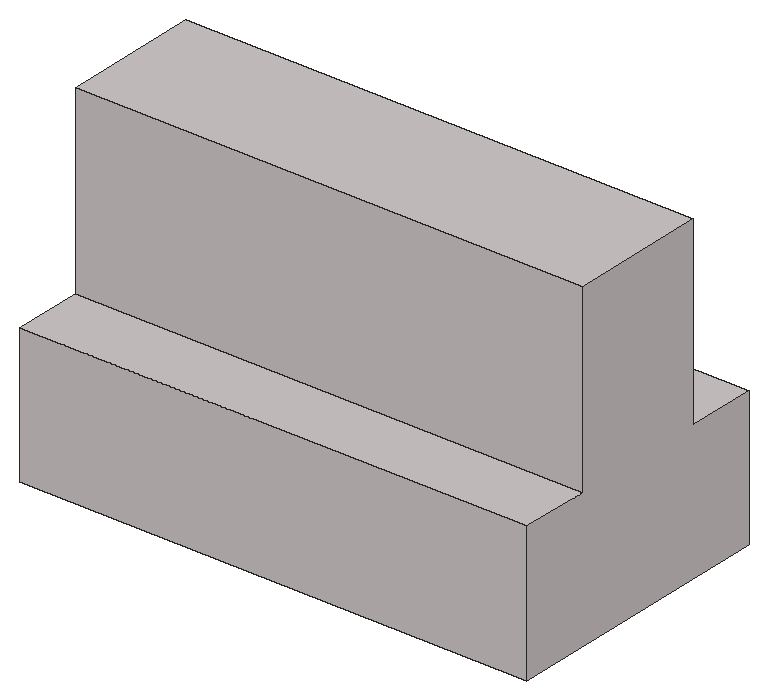
Revit family
Parameters (values of type "24IT28")
  Start Extension Calculation [instance] = 10' 0 1/2" + Start Extension  # 10' - 0"
  Start Extension [instance] = -0' - 0 1/2"
  Seat = 0' - 6"
  End Extension Calculation [instance] = 10' 0 1/2" + End Extension  # 10' - 0"
  End Extension [instance] = -0' - 0 1/2"
  Beam Material [instance] = Concrete - Precast Concrete - Normal Weight Concrete - 5 ksi
  Assembly Code = "B10"
  Length [instance] = 5' - 0"
  b = 2' - 0"
  h = 2' - 4"
  h1 = 1' - 4"
Types (4): name | h | h1
  (no name) | 2' - 4" | 1' - 4"
  24IT20 | 1' - 8" | 1' - 0"
  24IT28 | 2' - 4" | 1' - 4"
  24IT48 | 4' - 0" | 2' - 8"
Reference planes (in)
  plane 1 "Center (Front/Back)": y = 0
  plane 2: z = 0
  plane 3 "Center (Left/Right)": x = 0.1815
  plane 4 "Member Left": x = -21.8185
  plane 5 "Member Right": x = 22.1815
  plane 6: y = 12
  plane 7: y = -12
  plane 8: z = 14
  plane 9 "Bottom": z = -14
  plane 10 "Left": x = -29.8185
  plane 11 "Right": x = 30.1815
  plane 12: x = -21.8185
  plane 13: x = 22.1815
  plane 14: x = 98.1815
  plane 15: x = -97.8185
Forms (in)
  Sweep 1, solid, material "Concrete - Precast Concrete - Normal Weight Concrete - 5 ksi" <- "Beam Material"
    path origin (0, 0, 0) x (1, 0, 0) y (0, 1, 0)
      loop
        line (22.1815, 0) -> (-21.8185, 0)
    profile "Inverted Tee-Profile : Inverted Tee-Profile" origin (0.1815, 0, 0) x (0, -1, 0) y (0, 0, 1)
      loop
        line (12, -14) -> (12, -2) -> (6, -2) -> (6, 14) -> (-6, 14) -> (-6, -2) -> (-12, -2) -> (-12, -14) -> (12, -14)
Dimensions and locks (in)
  "b": plane 6 to plane 7
  equal spacing: plane 9 "Bottom", plane 2, plane 8
  equal spacing: plane 6, plane 1 "Center (Front/Back)", plane 7
  "h": plane 9 "Bottom" to plane 8
  "Length": plane 10 "Left" to plane 11 "Right"
  locked: plane 4 "Member Left" to plane 14 at 120
  locked: plane 15 to plane 5 "Member Right" at 120
  "Start Extension Calculation": plane 12 to plane 14
  "End Extension Calculation": plane 15 to plane 13
  aligned and locked: Sweep 1 sketch curve to plane 1 "Center (Front/Back)"
  aligned and locked: plane 12 to Sweep 1 sketch curve
  aligned and locked: plane 13 to Sweep 1 sketch curve
